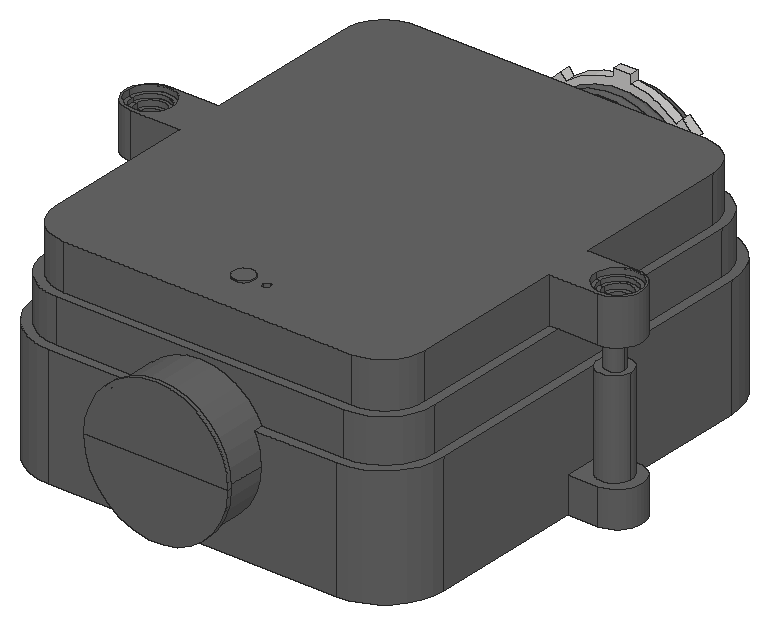
Revit family "UVPPHD", category Communication Devices, host Face, Revit 2014
Parameters
  Warranty = "5-Years Warranty"  # constant formula
  Type Comments = "Power Packs and Relays"  # constant formula
  Product Page URL = "https://www.hubbell.com/hubbellcontrolsolutions/en/Products/Lighting-Controls/Lighting-Controls-Sensors/Power-Packs-and-Controlled-Relays/Heavy-Duty-Universal-Voltage-Power-Packs/p/2157873"
  Product Documentation Link = "https://hubbellcdn.com/specsheet/1602A_UVPPL_4.6.17.pdf"
  URL = "https://www.hubbell.com/hubbellcontrolsolutions/en/"
  Model = "Heavy Duty Universal Voltage Power Packs"  # constant formula
  Manufacturer = "Hubbell Control Solutions"  # constant formula
  L = 5.26"
  Washer = Metal-Hubbell-Galvanized_Steel
  Features = "Robust latching relay provides unsurpassed and unrestricted performance\r\n• Universal voltage: 100–277VAC; 50/60Hz\r\n• Automatic voltage detection\r\n• Electrical load switching capability: maximum of 20 Amps\r\n• Regulated 24VDC current; 250mA output \r\n• Zero Arc Point Switching\r\n• Plenum rated\r\n• Mounts: inside or outside a junction box; inside a fixture\r\n• UL and cUL listed\r\n• Five-year limited warranty\r\n• Low voltage device: 24 VDC\r\n• Auto or Manual “ON” operation\r\n• Powers up to six low voltage sensors\r\n"  # constant formula
  Description = "The Universal Voltage Power Pack (UVPPHD) is a self-contained transformer and mechanical latching relay designed for low-voltage 24VDC occupancy sensors.\r\nThe power pack supports and automatically detects the line-voltage input within the 100–277VAC range. This eliminates the need for voltage-specific power packs. The Universal Voltage Power Pack with optional Manual ON/OFF control provides a unique solution for lighting applications where users require both manual ON/OFF control as well as automatic OFF control."  # constant formula
  Default Elevation = 48.0"
  Copyright = "Copyright © 2021 Hubbell Control Solutions"  # constant formula
  Contact Us = "https://www.hubbell.com/hubbellcontrolsolutions/en/contactUs"
  Housing Material = Paint - Hubbell - Carbon Black
  Certification = "UL and cUL Listed"  # constant formula
  Assembly Code = "D5090"
Reference planes (in)
  plane 1 "Center (Front/Back)": y = 13.01342
  plane 2: z = 0
  plane 3 "Center (Left/Right)": x = 0
  plane 4: x = -1.7
  plane 5: x = 1.7
  plane 6: y = 11.01342
  plane 7: y = 15.01342
Forms (in)
  Extrusion 1, solid, material "Paint - Hubbell - Carbon Black" <- "Housing Material"
    sketch origin (0, 0, 0) x (1, 0, 0) y (0, 1, 0)
      loop
        line (-1.2, 11.01342) -> (1.2, 11.01342)
        arc (1.2, 11.01342) -> (1.55355, 11.15987) -> (1.7, 11.51342) r 0.5
        line (1.7, 11.51342) -> (1.7, 14.51342)
        arc (1.7, 14.51342) -> (1.55355, 14.86697) -> (1.2, 15.01342) r 0.5
        line (1.2, 15.01342) -> (-1.2, 15.01342)
        arc (-1.2, 15.01342) -> (-1.55355, 14.86697) -> (-1.7, 14.51342) r 0.5
        line (-1.7, 14.51342) -> (-1.7, 11.51342)
        arc (-1.7, 11.51342) -> (-1.55355, 11.15987) -> (-1.2, 11.01342) r 0.5
    from 0 to 1
  Extrusion 2, solid, material "Paint - Hubbell - Carbon Black" <- "Housing Material"
    sketch origin (0, 0, 0) x (1, 0, 0) y (0, 1, 0)
      loop
        line (1.2, 14.93342) -> (-1.2, 14.93342)
        arc (-1.2, 14.93342) -> (-1.49698, 14.8104) -> (-1.62, 14.51342) r 0.42
        line (-1.62, 14.51342) -> (-1.62, 11.51342)
        arc (-1.62, 11.51342) -> (-1.49698, 11.21643) -> (-1.2, 11.09342) r 0.42
        line (-1.2, 11.09342) -> (1.2, 11.09342)
        arc (1.2, 11.09342) -> (1.49698, 11.21643) -> (1.62, 11.51342) r 0.42
        line (1.62, 11.51342) -> (1.62, 14.51342)
        arc (1.62, 14.51342) -> (1.49698, 14.8104) -> (1.2, 14.93342) r 0.42
    from 1 to 1.36
  Extrusion 3, solid, material "Paint - Hubbell - Carbon Black" <- "Housing Material"
    sketch origin (0, 0, 0) x (1, 0, 0) y (0, 1, 0)
      loop
        arc (-1.2, 14.85342) -> (-1.44042, 14.75384) -> (-1.54, 14.51342) r 0.34
        line (-1.54, 14.51342) -> (-1.54, 11.51342)
        arc (-1.54, 11.51342) -> (-1.44042, 11.273) -> (-1.2, 11.17342) r 0.34
        line (-1.2, 11.17342) -> (1.2, 11.17342)
        arc (1.2, 11.17342) -> (1.44042, 11.273) -> (1.54, 11.51342) r 0.34
        line (1.54, 11.51342) -> (1.54, 14.51342)
        arc (1.54, 14.51342) -> (1.44042, 14.75384) -> (1.2, 14.85342) r 0.34
        line (1.2, 14.85342) -> (-1.2, 14.85342)
    from 1.36 to 1.74
  Extrusion 4, solid, material "Paint - Hubbell - Carbon Black" <- "Housing Material"
    sketch origin (0, 0, 0) x (1, 0, 0) y (0, 1, 0)
      loop
        line (-1.7, 13.21215) -> (-1.95, 13.21215)
        arc (-1.95, 13.21215) -> (-2.15329, 13.00886) -> (-1.95, 12.80557) r 0.20329
        line (-1.95, 12.80557) -> (-1.7, 12.80557) -> (-1.7, 13.21215)
    from 0 to 0.3
  Extrusion 5, solid, material "Paint - Hubbell - Carbon Black" <- "Housing Material"
    sketch origin (0, 0, 0) x (1, 0, 0) y (0, 1, 0)
      loop
        circle (-1.92328, 13.01342) r 0.13663
    from 0.3 to 1.1
  Extrusion 6, solid, material "Paint - Hubbell - Carbon Black" <- "Housing Material"
    sketch origin (0, 0, 0) x (1, 0, 0) y (0, 1, 0)
      loop
        circle (-1.92508, 13.01342) r 0.08015
    from 1.1 to 1.36
  Extrusion 7, solid, material "Paint - Hubbell - Carbon Black" <- "Housing Material"
    sketch origin (0, 0, 1.5) x (0, -1, 0) y (1, 0, 0)
      loop
        line (-13.21215, -1.54375) -> (-13.21215, -1.95)
        arc (-13.21215, -1.95) -> (-13.00886, -2.15329) -> (-12.80557, -1.95) r 0.20329
        line (-12.80557, -1.95) -> (-12.80557, -1.54375) -> (-13.21215, -1.54375)
    from -0.14 to 0.24
  Revolve 8, void
    sketch origin (0, 13.01342, 0) x (1, 0, 0) y (0, 0, 1)
      loop
        line (-1.95, 1.74) -> (-1.95, 1.58381) -> (-1.87233, 1.58381) -> (-1.87233, 1.61974) -> (-1.83144, 1.61974) -> (-1.83144, 1.66063) -> (-1.79923, 1.66063) -> (-1.79923, 1.69284) -> (-1.76485, 1.69284) -> (-1.76485, 1.74) -> (-1.95, 1.74)
      axis (-1.95, 1.58381) -> (-1.95, 1.74)
    angle from 0 to 360
  Extrusion 9, solid, material "Paint - Hubbell - Carbon Black" <- "Housing Material"
    sketch origin (0, 0, 0) x (-1, 0, 0) y (0, -1, 0)
      loop
        line (-1.7, -13.21215) -> (-1.7, -12.80557) -> (-1.95, -12.80557)
        arc (-1.95, -12.80557) -> (-2.15329, -13.00886) -> (-1.95, -13.21215) r 0.20329
        line (-1.95, -13.21215) -> (-1.7, -13.21215)
    from 0 to 0.3
  Extrusion 10, solid, material "Paint - Hubbell - Carbon Black" <- "Housing Material"
    sketch origin (0, 0, 0) x (-1, 0, 0) y (0, -1, 0)
      loop
        circle (-1.92328, -13.01342) r 0.13663
    from 0.3 to 1.1
  Extrusion 11, solid, material "Paint - Hubbell - Carbon Black" <- "Housing Material"
    sketch origin (0, 0, 0) x (-1, 0, 0) y (0, -1, 0)
      loop
        circle (-1.92508, -13.01342) r 0.08015
    from 1.1 to 1.36
  Extrusion 12, solid, material "Paint - Hubbell - Carbon Black" <- "Housing Material"
    sketch origin (0, 0, 1.5) x (0, 1, 0) y (-1, 0, 0)
      loop
        line (13.21215, -1.54375) -> (12.80557, -1.54375) -> (12.80557, -1.95)
        arc (12.80557, -1.95) -> (13.00886, -2.15329) -> (13.21215, -1.95) r 0.20329
        line (13.21215, -1.95) -> (13.21215, -1.54375)
    from -0.14 to 0.24
  Revolve 13, void
    sketch origin (0, 13.01342, 0) x (-1, 0, 0) y (0, 0, 1)
      loop
        line (-1.95, 1.74) -> (-1.95, 1.58381) -> (-1.87233, 1.58381) -> (-1.87233, 1.61974) -> (-1.83144, 1.61974) -> (-1.83144, 1.66063) -> (-1.79923, 1.66063) -> (-1.79923, 1.69284) -> (-1.76485, 1.69284) -> (-1.76485, 1.74) -> (-1.95, 1.74)
      axis (-1.95, 1.58381) -> (-1.95, 1.74)
    angle from 0 to 360
  Extrusion 14, solid, material "Paint - Hubbell - Carbon Black" <- "Housing Material"
    sketch origin (0, 0, 0) x (1, 0, 0) y (0, 1, 0)
      loop
        circle (0, 11.54733) r 0.08596
    from 1.73 to 1.75
  Extrusion 15, void
    sketch origin (0, 0, 0) x (1, 0, 0) y (0, 1, 0)
      loop
        circle (0.19854, 11.54153) r 0.031
    from 1.5 to 1.75
  Revolve 16, solid, material "Paint - Hubbell - Carbon Black" <- "Housing Material"
    sketch origin (0, 0, 0.75) x (1, 0, 0) y (0, 1, 0)
      loop
        line (0, 14.93342) -> (0.75, 14.93342) -> (0.75, 15.04866) -> (0.6315, 15.04866)
        arc (0.6315, 15.04866) -> (0.66863, 15.0858) -> (0.6315, 15.12293) r 0.03714
        arc (0.6315, 15.12293) -> (0.66863, 15.16007) -> (0.6315, 15.1972) r 0.03714
        arc (0.6315, 15.1972) -> (0.66863, 15.23434) -> (0.6315, 15.27148) r 0.03714
        arc (0.6315, 15.27148) -> (0.66863, 15.30861) -> (0.6315, 15.34575) r 0.03714
        arc (0.6315, 15.34575) -> (0.66863, 15.38289) -> (0.6315, 15.42002) r 0.03714
        arc (0.6315, 15.42002) -> (0.66863, 15.45716) -> (0.6315, 15.4943) r 0.03714
        arc (0.6315, 15.4943) -> (0.66863, 15.53143) -> (0.6315, 15.56857) r 0.03714
        arc (0.6315, 15.56857) -> (0.66863, 15.6057) -> (0.6315, 15.64284) r 0.03714
        line (0.6315, 15.64284) -> (0.6315, 15.68785) -> (0, 15.68785) -> (0, 14.93342)
      axis (0, 15.68785) -> (0, 14.93342)
    angle from 0 to 360
  Revolve 17, solid, material "Paint - Hubbell - Carbon Black" <- "Housing Material"
    sketch origin (0, 0, 0.75) x (1, 0, 0) y (0, 1, 0)
      loop
        line (0, 11.18995) -> (0, 10.63047) -> (0.6012, 10.63047) -> (0.6012, 10.66147) -> (0.5702, 10.66147) -> (0.5702, 11.18995) -> (0, 11.18995)
      axis (0, 11.18995) -> (0, 10.63047)
    angle from 0 to 360
  Extrusion 18, solid, material "Metal-Hubbell-Galvanized_Steel" <- "Washer"
    sketch origin (0, 13.01342, 0) x (1, 0, 0) y (0, 0, 1)
      loop
        circle (0, 0.74794) r 0.65476
      loop
        line (0.72095, 0.67523) -> (0.79111, 0.67523)
        arc (0.79111, 0.67523) -> (0.79445, 0.74794) -> (0.79111, 0.82064) r 0.79445
        line (0.79111, 0.82064) -> (0.72095, 0.82064)
        arc (0.72095, 0.82064) -> (0.66945, 1.02523) -> (0.5612, 1.20631) r 0.72461
        line (0.5612, 1.20631) -> (0.61081, 1.25593)
        arc (0.61081, 1.25593) -> (0.56176, 1.3097) -> (0.50799, 1.35875) r 0.79445
        line (0.50799, 1.35875) -> (0.45838, 1.30914)
        arc (0.45838, 1.30914) -> (0.27729, 1.41738) -> (0.07271, 1.46888) r 0.72461
        line (0.07271, 1.46888) -> (0.07271, 1.53905)
        arc (0.07271, 1.53905) -> (0, 1.54238) -> (-0.07271, 1.53905) r 0.79445
        line (-0.07271, 1.53905) -> (-0.07271, 1.46888)
        arc (-0.07271, 1.46888) -> (-0.27729, 1.41738) -> (-0.45838, 1.30914) r 0.72461
        line (-0.45838, 1.30914) -> (-0.50799, 1.35875)
        arc (-0.50799, 1.35875) -> (-0.56176, 1.3097) -> (-0.61081, 1.25593) r 0.79445
        line (-0.61081, 1.25593) -> (-0.5612, 1.20631)
        arc (-0.5612, 1.20631) -> (-0.66945, 1.02523) -> (-0.72095, 0.82064) r 0.72461
        line (-0.72095, 0.82064) -> (-0.79111, 0.82064)
        arc (-0.79111, 0.82064) -> (-0.79445, 0.74794) -> (-0.79111, 0.67523) r 0.79445
        line (-0.79111, 0.67523) -> (-0.72095, 0.67523)
        arc (-0.72095, 0.67523) -> (-0.66945, 0.47064) -> (-0.5612, 0.28956) r 0.72461
        line (-0.5612, 0.28956) -> (-0.61081, 0.23995)
        arc (-0.61081, 0.23995) -> (-0.56176, 0.18618) -> (-0.50799, 0.13712) r 0.79445
        line (-0.50799, 0.13712) -> (-0.45838, 0.18674)
        arc (-0.45838, 0.18674) -> (-0.27729, 0.07849) -> (-0.07271, 0.02699) r 0.72461
        line (-0.07271, 0.02699) -> (-0.07271, -0.04318)
        arc (-0.07271, -0.04318) -> (0, -0.04651) -> (0.07271, -0.04318) r 0.79445
        line (0.07271, -0.04318) -> (0.07271, 0.02699)
        arc (0.07271, 0.02699) -> (0.27729, 0.07849) -> (0.45838, 0.18674) r 0.72461
        line (0.45838, 0.18674) -> (0.50799, 0.13712)
        arc (0.50799, 0.13712) -> (0.56176, 0.18618) -> (0.61081, 0.23995) r 0.79445
        line (0.61081, 0.23995) -> (0.5612, 0.28956)
        arc (0.5612, 0.28956) -> (0.66945, 0.47064) -> (0.72095, 0.67523) r 0.72461
    from -2.55515 to -2.48088
Cuts and joins
  Extrusion 15 cuts Extrusion 1
  Extrusion 15 cuts Extrusion 2
  Extrusion 15 cuts Extrusion 3
  Extrusion 15 cuts Extrusion 4
  Extrusion 15 cuts Extrusion 5
  Extrusion 15 cuts Extrusion 6
  Revolve 8, Revolve 13, Extrusion 15 cuts Extrusion 7
  Extrusion 15 cuts Extrusion 9
  Extrusion 15 cuts Extrusion 10
  Extrusion 15 cuts Extrusion 11
  Revolve 13, Extrusion 15 cuts Extrusion 12
  joined: Extrusion 1, Extrusion 2, Extrusion 3, Extrusion 4, Extrusion 5, Extrusion 6, Extrusion 7, Extrusion 9, Extrusion 10, Extrusion 11, Extrusion 12, Extrusion 14, Revolve 16, Revolve 17
Dimensions and locks (in)
  aligned and locked: plane 2 to host face
  aligned and locked: level to host face
Connectors (in)
  electrical at (1.1566, 13.01342, 1)
    settings: on cut or joined group of Extrusion 1, Extrusion 2, Extrusion 3, Extrusion 4, Extrusion 5, Extrusion 6, Extrusion 7, Revolve 8, Extrusion 9, Extrusion 10, Extrusion 11, Extrusion 12, Revolve 13, Extrusion 14, Extrusion 15, Revolve 16, Revolve 17, index 1, voltage 0 V, apparent load 0 VA, apparent load phase1 0 VA, apparent load phase2 0 VA, apparent load phase3 0 VA, power factor 1, load classification "Other", number of poles 1, system type 13, power factor state 1, is connector primary yes, connector utility no, sub classification motor no, connector description "POWER PACK"
